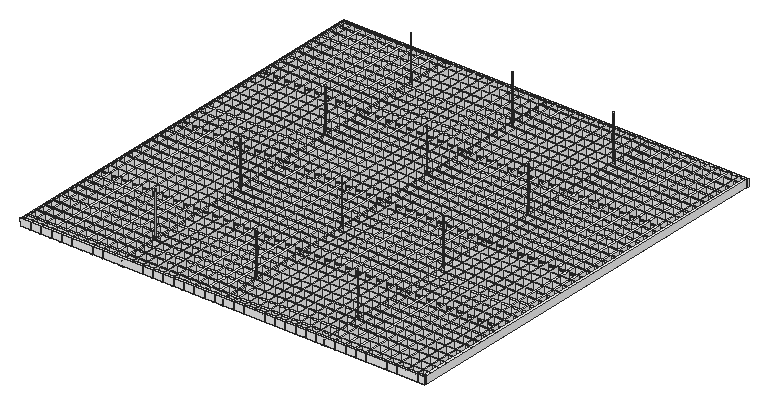
Revit family "FalsoTecho_THU_Cuadrícula-Milán-40", category Modelos genéricos, Revit 2016
Family settings
  Tipo de pieza = Normal
  Puede alojar armadura = No
  Cota de conector redondo = Diámetro de uso
  Número OmniClass = 23.35.70.24.11.17.14.11
  Título OmniClass = Metal Linear Ceilings
  Se basa en plano de trabajo = Sí
  Siempre vertical = No
  Corte con vacíos al cargar = Sí
  Compartido = No
  Punto de cálculo de habitación = No
Parameters (values of type "Aluminio_40x600x60x10")
  Tirantes_Separación real [instance] = (((Perfil secundario_Intereje * Bandejas_Recuento longitudinal) - Bandejas_Separación) - (Tirante inicial_Distancia a extremo * 2)) / (Tirantes_Recuento - 1)  # 630.167 mm
  Tirantes_Separación aproximada [instance] = 1000 mm  # constant formula
  Tirantes_Recuento [instance] = (((Perfil secundario_Intereje * Bandejas_Recuento longitudinal) - Bandejas_Separación) - (Tirante inicial_Distancia a extremo * 2)) / Tirantes_Separación aproximada + 2  # 4
  Tirante_Longitud [instance] = THU_Falso techo_Plenum altura + 20 mm  # 270 mm
  Tirante inicial_Distancia a extremo [instance] = if(Bandejas_Recuento longitudinal < 2, 25 mm, 250 mm)  # 250 mm
  THU_Velo = 1 > 2  # no
  THU_Subestructura_Material = "Aluminio"
  THU_Subestructura_Color [instance] = THU_Blanco-Brillo
  THU_Reacción al fuego = "A2-s1, d0"
  THU_Perfil primario = Perfil_THU_T24 : Perfil T24-Primario
  THU_Falso techo_Área [instance] = ((Perfil secundario_Intereje * Bandejas_Recuento longitudinal) - Bandejas_Separación) * ((Perfil primario_Intereje * Bandejas_Recuento transversal) - Bandejas_Separación)  # 5.71449 m²
  THU_Falso techo_Plenum altura [instance] = 250 mm
  THU_Falso techo_Longitud [instance] = 2500 mm
  THU_Falso techo_Anchura [instance] = 2500 mm
  THU_Falso techo_Altura libre [instance] = 2500 mm
  THU_Bandeja_Material = "Aluminio"
  THU_Bandeja_Color [instance] = THU_Blanco-Brillo
  THU_Bandeja = Bandeja_THU_Milán-40 : 60mm_(10x10 cuadrados)
  THU_Acabado = Acabado_THU_Bandejas : Liso
  Solape_Perfil y rastrel = Bandeja_Grosor + 1 mm  # 42 mm
  Rejilla_Separación tranversal = 51.45 mm
  Rejilla_Separación longitudinal = 51.45 mm
  Rejilla_Recuento transversal = 9
  Rejilla_Recuento longitudinal = 9
  Perfil_Altura = 46 mm  # constant formula
  Página web del producto = "http://thu.es/producto/rejilla-milan-cuadricula-milan/"
  Página web del fabricante = "http://thu.es/"
  Perfiles secundarios_Recuento [instance] = Bandejas_Recuento longitudinal - 1  # 3
  Perfiles primarios_Recuento [instance] = Bandejas_Recuento transversal - 1  # 3
  Perfil transversal_Rejilla_Longitud = Perfil secundario_Intereje - (Bandejas_Separación)  # 590.5 mm
  Perfil_Rejilla_Anchura = 9.5 mm  # constant formula
  Perfil_Rejilla_Altura = 41 mm  # constant formula
  Perfil secundario_Longitud [instance] = ((Perfil primario_Intereje * Bandejas_Recuento transversal) - Bandejas_Separación)  # 2390.5 mm
  Perfil secundario_Intereje = 600 mm
  Perfil primario_Longitud [instance] = ((Perfil secundario_Intereje * Bandejas_Recuento longitudinal) - Bandejas_Separación)  # 2390.5 mm
  Perfil primario_Intereje = 600 mm
  Perfil perimetral trans_Longitud [instance] = Perfil secundario_Longitud + 2 mm  # 2392.5 mm
  Perfil perimetral long_Longitud [instance] = Perfil primario_Longitud - (Perfil perimetral_Anchura * 2) + 2 mm  # 2362.5 mm
  Perfil perimetral 04 [instance] = yes
  Perfil perimetral 03_Distancia a bandeja [instance] = (Bandejas_Recuento longitudinal * 590.5 mm) + ((Bandejas_Recuento longitudinal - 1) * (Bandejas_Separación)) + 5.8 mm  # 2396.3 mm
  Perfil perimetral 03 [instance] = yes
  Perfil perimetral 02_Distancia a bandeja [instance] = (Bandejas_Recuento transversal * 590.5 mm) + ((Bandejas_Recuento transversal - 1) * (Bandejas_Separación)) + 5.8 mm  # 2396.3 mm
  Perfil perimetral 02 [instance] = yes
  Perfil perimetral 01 y 04_Distancia a bandeja [instance] = Perfil perimetral_Anchura - 11.3 mm  # 3.7 mm
  Perfil perimetral_Anchura [instance] = 15 mm  # constant formula
  Perfil perimetral 01 [instance] = yes
  Perfil longitudinal_Rejilla_Longitud = Perfil primario_Intereje - (Bandejas_Separación)  # 590.5 mm
  País de fabricación = "España"
  País de diseño = "España"
  Omniclass = "23.35.70.24.11.17.14.11"
  Número de edición (versión) = 0
  Nombre del objeto = "Cuadricula Milán"
  NBS Reference Description = "Board suspended ceiling system"
  NBS Reference = "20-10-10/110"
  Marca = "THU"
  Manual de montaje = "http://thu.es/wp-content/uploads/manuals/MM-Techos-Cuadricula-Milan.pdf"
  Fabricante = "THU Perfil S.L."
  Descripción = "Cuadrícula Milán en aluminio prelacado de altura 40 mm y ancho de nervio 10mm, formando módulos de 600x600 mm con un tamaño de cuadrado interior según modelo. Los módulos de cuadrícula se alojan en una estructura formada por perfiles primarios y secundarios en T de ancho 15 mm. La estructura se sustenta del forjado superior mediante piezas de cuelgue y varillas roscadas colocadas sobre los perfiles primarios. Existe una gran diversidad de cuadrículas. De interior: 50 (12x12 cuadrados), 60 (10x10), 75 (8x8), 86 (7x7), 100 (6x6), 150 (4x4) y 200 mm (3x3 cuadrados). El montaje de las cuadrículas se realiza en fábrica."
  Comentarios de tipo = "Falso techo decorativo suspendido de Rejilla/Cuadrícula Milán para ser montado en interior de edificios con perfilería THU T15."
  Bandejas_Recuento longitudinal [instance] = THU_Falso techo_Longitud / Perfil secundario_Intereje  # 4
  Bandejas_Recuento [instance] = Bandejas_Recuento longitudinal * Bandejas_Recuento transversal  # 16
  Inicio de extrusión = 0 mm  # constant formula
  IFC Classification = "Ceiling"
  Grupo del producto = "Lamas"
  Ficha técnica = "http://thu.es/wp-content/uploads/datasheets/ft-rejilla-milan-thu.pdf"
  Ficha resumen = "http://thu.es/wp-content/uploads/datasheets/THU_Techos_metalicos_Rejilla_cuadricula_Milan.pdf"
  Fecha de publicación del objeto BIM = ""
  Famila del producto = "Techos metálicos"
  Falso techo_Grosor = Bandeja_Grosor  # 41 mm
  Default Elevation = 0 mm
  Declaración de prestaciones = "http://thu.es/wp-content/uploads/declarations/dp_bandejas_milan.pdf"
  COBie Type Category = "L387 : Suspended ceilings"
  Bandejas_Separación = 9.5 mm  # constant formula
  Bandejas_Recuento transversal [instance] = THU_Falso techo_Anchura / Perfil primario_Intereje  # 4
  Bandeja_Grosor = Perfil_Rejilla_Altura  # 41 mm
Types (7, lengths in mm): name | THU_Bandeja | Rejilla_Separación tranversal | Rejilla_Separación longitudinal | Rejilla_Recuento transversal | Rejilla_Recuento longitudinal | Nombre del objeto
  Aluminio_40x600x50x10 | Bandeja_THU_Milán-40 : 50mm_(12x12 cuadrados) | 41.3 | 41.3 | 11 | 11 | "Cuadricula Milán"
  Aluminio_40x600x60x10 | Bandeja_THU_Milán-40 : 60mm_(10x10 cuadrados) | 51.45 | 51.45 | 9 | 9 | "Cuadricula Milán"
  Aluminio_40x600x75x10 | Bandeja_THU_Milán-40 : 75mm_(8x8 cuadrados) | 66.688 | 66.688 | 7 | 7 | "Cuadricula Milán"
  Aluminio_40x600x86x10 | Bandeja_THU_Milán-40 : 86mm_(7x7 cuadrados) | 77.571 | 77.571 | 6 | 6 | "Cuadricula Milan"
  Aluminio_40x600x100x10 | Bandeja_THU_Milán-40 : 100mm_(6x6 cuadrados) | 92.083 | 92.083 | 5 | 5 | "Cuadricula Milán"
  Aluminio_40x600x150x10 | Bandeja_THU_Milán-40 : 150mm_(4x4 cuadrados) | 142.875 | 142.875 | 3 | 3 | "Cuadricula Milán"
  Aluminio_40x600x200x10 | Bandeja_THU_Milán-40 : 200mm_(3x3 cuadrados) | 193.7 | 193.667 | 2 | 2 | "Cuadricula Milán"
Reference planes
  plane 1 "Centro (Frontal/Posterior)": y = 0
  plane 2: z = 0
  plane 3 "Centro (Izquierda/Derecha)": x = 0
  plane 4 "Lamas_Límite inferior": z = 2500
  plane 5 "Rastreles_Límite inferior": z = 2499
  plane 6 "Rastreles_Límite superior": z = 2545
  plane 7 "Lamas_Límite superior": z = 2541
  plane 8 "Tirantes_Parte superior": z = 2795
  plane 9 "Falso techo_Límite derecho": x = 2500
  plane 10 "Falso techo_Límite superior": y = 2500
Dimensions and locks
  "Perfil_Altura": plane 6 "Rastreles_Límite superior" to plane 5 "Rastreles_Límite inferior"
  "THU_Falso techo_Altura libre": level to plane 4 "Lamas_Límite inferior"
  "Bandeja_Grosor": plane 7 "Lamas_Límite superior" to plane 4 "Lamas_Límite inferior"
  "Solape_Perfil y rastrel": plane 7 "Lamas_Límite superior" to plane 5 "Rastreles_Límite inferior"
  "THU_Falso techo_Plenum altura": plane 8 "Tirantes_Parte superior" to plane 6 "Rastreles_Límite superior"
  "THU_Falso techo_Anchura": plane 3 "Centro (Izquierda/Derecha)" to plane 9 "Falso techo_Límite derecho"
  "THU_Falso techo_Longitud": plane 1 "Centro (Frontal/Posterior)" to plane 10 "Falso techo_Límite superior"
  equal spacing: group 1, group 2, group 3  (x3)
  "Perfil primario_Intereje": plane 3 "Centro (Izquierda/Derecha)" to nested 1
  "Perfil primario_Intereje": nested 1 to nested 2
  equal spacing: group 4, group 5, group 6  (x3)
  "Perfil secundario_Intereje": plane 1 "Centro (Frontal/Posterior)" to nested 4
  "Perfil secundario_Intereje": nested 4 to nested 5
  equal spacing: group 7, group 8, group 9, group 10  (x3)
  "Perfil perimetral 03_Distancia a bandeja": plane 1 "Centro (Frontal/Posterior)" to nested 13
  "Perfil perimetral 02_Distancia a bandeja": plane 3 "Centro (Izquierda/Derecha)" to nested 12
  "Perfil perimetral 01 y 04_Distancia a bandeja": plane 3 "Centro (Izquierda/Derecha)" to nested 11
  "Perfil perimetral 01 y 04_Distancia a bandeja": plane 3 "Centro (Izquierda/Derecha)" to nested 13
  aligned and locked: level to plane 2
  aligned and locked: nested 1 to plane 5 "Rastreles_Límite inferior"
  aligned and locked: nested 2 to plane 5 "Rastreles_Límite inferior"
  aligned and locked: nested 4 to plane 5 "Rastreles_Límite inferior"
  aligned and locked: nested 5 to plane 5 "Rastreles_Límite inferior"
  aligned and locked: plane 4 "Lamas_Límite inferior" to nested 7
  aligned and locked: plane 4 "Lamas_Límite inferior" to nested 8
  aligned and locked: nested 11 to nested 1
  aligned and locked: nested 11 to nested 14  (x2)
  aligned and locked: nested 12 to nested 11
Nested families
  nested 1: "Perfil_THU_T24" at (600, 4.75, 2499), Tirante inicial_Distancia a extremo <- "Tirante inicial_Distancia a extremo", Tirante_Longitud <- "Tirante_Longitud", Tirantes_Recuento <- "Tirantes_Recuento", THU_Color <- "THU_Subestructura_Color", Perfil_Longitud <- "Perfil primario_Longitud", type <- "THU_Perfil primario", type "Perfil T24-Primario"
    with Tirantes_Recuento 4, Tirante_Longitud 270 mm, Tirante inicial_Distancia a extremo 250 mm, THU_Recuento (ml) 2390.5 mm, THU_Material "Acero galvanizado", THU_Color THU_Blanco-Brillo, Perfil_Longitud 2390.5 mm, Perfil_Grosor superior 5 mm, Perfil_Grosor base 1 mm, Perfil_Altura alma 27 mm, Perfil_Altura 33 mm
  nested 2: "Perfil_THU_T24" at (1200, 4.75, 2499), Tirante inicial_Distancia a extremo <- "Tirante inicial_Distancia a extremo", Tirante_Longitud <- "Tirante_Longitud", Tirantes_Recuento <- "Tirantes_Recuento", THU_Color <- "THU_Subestructura_Color", Perfil_Longitud <- "Perfil primario_Longitud", type <- "THU_Perfil primario", type "Perfil T24-Primario"
    with Tirantes_Recuento 4, Tirante_Longitud 270 mm, Tirante inicial_Distancia a extremo 250 mm, THU_Recuento (ml) 2390.5 mm, THU_Material "Acero galvanizado", THU_Color THU_Blanco-Brillo, Perfil_Longitud 2390.5 mm, Perfil_Grosor superior 5 mm, Perfil_Grosor base 1 mm, Perfil_Altura alma 27 mm, Perfil_Altura 33 mm
  nested 3: "Perfil_THU_T24" at (1800, 4.75, 2499), Tirante inicial_Distancia a extremo <- "Tirante inicial_Distancia a extremo", Tirante_Longitud <- "Tirante_Longitud", Tirantes_Recuento <- "Tirantes_Recuento", THU_Color <- "THU_Subestructura_Color", Perfil_Longitud <- "Perfil primario_Longitud", type <- "THU_Perfil primario", type "Perfil T24-Primario"
    with Tirantes_Recuento 4, Tirante_Longitud 270 mm, Tirante inicial_Distancia a extremo 250 mm, THU_Recuento (ml) 2390.5 mm, THU_Material "Acero galvanizado", THU_Color THU_Blanco-Brillo, Perfil_Longitud 2390.5 mm, Perfil_Grosor superior 5 mm, Perfil_Grosor base 1 mm, Perfil_Altura alma 27 mm, Perfil_Altura 33 mm
  nested 4: "Perfil_THU_T24" at (4.75, 600, 2499) x (0, -1, 0) z (0, 0, 1), Perfil_Longitud <- "Perfil secundario_Longitud", THU_Color <- "THU_Subestructura_Color", Tirante inicial_Distancia a extremo <- "Tirante inicial_Distancia a extremo", Tirantes_Recuento <- "Tirantes_Recuento", Tirante_Longitud <- "Tirante_Longitud", type "Perfil T24-Secundario"
    with Tirantes_Recuento 4, Tirante_Longitud 270 mm, Tirante inicial_Distancia a extremo 250 mm, THU_Recuento (ml) 2390.5 mm, THU_Material "Aluminio", THU_Color THU_Blanco-Brillo, Perfil_Longitud 2390.5 mm, Perfil_Grosor superior 5 mm, Perfil_Grosor base 1 mm, Perfil_Altura alma 27 mm, Perfil_Altura 33 mm
  nested 5: "Perfil_THU_T24" at (4.75, 1200, 2499) x (0, -1, 0) z (0, 0, 1), Perfil_Longitud <- "Perfil secundario_Longitud", THU_Color <- "THU_Subestructura_Color", Tirante inicial_Distancia a extremo <- "Tirante inicial_Distancia a extremo", Tirantes_Recuento <- "Tirantes_Recuento", Tirante_Longitud <- "Tirante_Longitud", type "Perfil T24-Secundario"
    with Tirantes_Recuento 4, Tirante_Longitud 270 mm, Tirante inicial_Distancia a extremo 250 mm, THU_Recuento (ml) 2390.5 mm, THU_Material "Aluminio", THU_Color THU_Blanco-Brillo, Perfil_Longitud 2390.5 mm, Perfil_Grosor superior 5 mm, Perfil_Grosor base 1 mm, Perfil_Altura alma 27 mm, Perfil_Altura 33 mm
  nested 6: "Perfil_THU_T24" at (4.75, 1800, 2499) x (0, -1, 0) z (0, 0, 1), Perfil_Longitud <- "Perfil secundario_Longitud", THU_Color <- "THU_Subestructura_Color", Tirante inicial_Distancia a extremo <- "Tirante inicial_Distancia a extremo", Tirantes_Recuento <- "Tirantes_Recuento", Tirante_Longitud <- "Tirante_Longitud", type "Perfil T24-Secundario"
    with Tirantes_Recuento 4, Tirante_Longitud 270 mm, Tirante inicial_Distancia a extremo 250 mm, THU_Recuento (ml) 2390.5 mm, THU_Material "Aluminio", THU_Color THU_Blanco-Brillo, Perfil_Longitud 2390.5 mm, Perfil_Grosor superior 5 mm, Perfil_Grosor base 1 mm, Perfil_Altura alma 27 mm, Perfil_Altura 33 mm
  nested 7: "Bandeja_THU_Milán-40" at (4.75, -4.75, 2500), type <- "THU_Bandeja", Inicio de extrusión <- "Inicio de extrusión", Perfil longitudinal_Rejilla_Longitud <- "Perfil longitudinal_Rejilla_Longitud", Perfil transversal_Rejilla_Longitud <- "Perfil transversal_Rejilla_Longitud", Perfil_Rejilla_Altura <- "Perfil_Rejilla_Altura", Perfil_Rejilla_Anchura <- "Perfil_Rejilla_Anchura", Rejilla_Recuento longitudinal <- "Rejilla_Recuento longitudinal", Rejilla_Recuento transversal <- "Rejilla_Recuento transversal", Rejilla_Separación longitudinal <- "Rejilla_Separación longitudinal", Rejilla_Separación transversal <- "Rejilla_Separación tranversal", THU_Color <- "THU_Bandeja_Color", THU_Material <- "THU_Bandeja_Material", Bandejas_Separación <- "Bandejas_Separación", Bandejas_Recuento transversal <- "Bandejas_Recuento transversal", type "60mm_(10x10 cuadrados)"
    with Tipo de bandeja none, THU_Recuento (ud) 4, THU_Material "Aluminio", THU_Color THU_Blanco-Brillo, Rejilla_Separación transversal 51.45 mm, Rejilla_Separación longitudinal 51.45 mm, Rejilla_Recuento transversal 9, Rejilla_Recuento longitudinal 9, Perfil_Rejilla_Anchura 9.5 mm, Perfil_Rejilla_Altura 41 mm, Perfil transversal_Rejilla_Longitud 590.5 mm, Perfil longitudinal_Rejilla_Longitud 590.5 mm, Inicio de extrusión 0 mm, Bandejas_Separación 9.5 mm, Bandejas_Recuento transversal 4
  nested 8: "Bandeja_THU_Milán-40" at (4.75, 595.25, 2500), type <- "THU_Bandeja", Inicio de extrusión <- "Inicio de extrusión", Perfil longitudinal_Rejilla_Longitud <- "Perfil longitudinal_Rejilla_Longitud", Perfil transversal_Rejilla_Longitud <- "Perfil transversal_Rejilla_Longitud", Perfil_Rejilla_Altura <- "Perfil_Rejilla_Altura", Perfil_Rejilla_Anchura <- "Perfil_Rejilla_Anchura", Rejilla_Recuento longitudinal <- "Rejilla_Recuento longitudinal", Rejilla_Recuento transversal <- "Rejilla_Recuento transversal", Rejilla_Separación longitudinal <- "Rejilla_Separación longitudinal", Rejilla_Separación transversal <- "Rejilla_Separación tranversal", THU_Color <- "THU_Bandeja_Color", THU_Material <- "THU_Bandeja_Material", Bandejas_Separación <- "Bandejas_Separación", Bandejas_Recuento transversal <- "Bandejas_Recuento transversal", type "60mm_(10x10 cuadrados)"
    with Tipo de bandeja none, THU_Recuento (ud) 4, THU_Material "Aluminio", THU_Color THU_Blanco-Brillo, Rejilla_Separación transversal 51.45 mm, Rejilla_Separación longitudinal 51.45 mm, Rejilla_Recuento transversal 9, Rejilla_Recuento longitudinal 9, Perfil_Rejilla_Anchura 9.5 mm, Perfil_Rejilla_Altura 41 mm, Perfil transversal_Rejilla_Longitud 590.5 mm, Perfil longitudinal_Rejilla_Longitud 590.5 mm, Inicio de extrusión 0 mm, Bandejas_Separación 9.5 mm, Bandejas_Recuento transversal 4
  nested 9: "Bandeja_THU_Milán-40" at (4.75, 1195.25, 2500), type <- "THU_Bandeja", Inicio de extrusión <- "Inicio de extrusión", Perfil longitudinal_Rejilla_Longitud <- "Perfil longitudinal_Rejilla_Longitud", Perfil transversal_Rejilla_Longitud <- "Perfil transversal_Rejilla_Longitud", Perfil_Rejilla_Altura <- "Perfil_Rejilla_Altura", Perfil_Rejilla_Anchura <- "Perfil_Rejilla_Anchura", Rejilla_Recuento longitudinal <- "Rejilla_Recuento longitudinal", Rejilla_Recuento transversal <- "Rejilla_Recuento transversal", Rejilla_Separación longitudinal <- "Rejilla_Separación longitudinal", Rejilla_Separación transversal <- "Rejilla_Separación tranversal", THU_Color <- "THU_Bandeja_Color", THU_Material <- "THU_Bandeja_Material", Bandejas_Separación <- "Bandejas_Separación", Bandejas_Recuento transversal <- "Bandejas_Recuento transversal", type "60mm_(10x10 cuadrados)"
    with Tipo de bandeja none, THU_Recuento (ud) 4, THU_Material "Aluminio", THU_Color THU_Blanco-Brillo, Rejilla_Separación transversal 51.45 mm, Rejilla_Separación longitudinal 51.45 mm, Rejilla_Recuento transversal 9, Rejilla_Recuento longitudinal 9, Perfil_Rejilla_Anchura 9.5 mm, Perfil_Rejilla_Altura 41 mm, Perfil transversal_Rejilla_Longitud 590.5 mm, Perfil longitudinal_Rejilla_Longitud 590.5 mm, Inicio de extrusión 0 mm, Bandejas_Separación 9.5 mm, Bandejas_Recuento transversal 4
  nested 10: "Bandeja_THU_Milán-40" at (4.75, 1795.25, 2500), type <- "THU_Bandeja", Inicio de extrusión <- "Inicio de extrusión", Perfil longitudinal_Rejilla_Longitud <- "Perfil longitudinal_Rejilla_Longitud", Perfil transversal_Rejilla_Longitud <- "Perfil transversal_Rejilla_Longitud", Perfil_Rejilla_Altura <- "Perfil_Rejilla_Altura", Perfil_Rejilla_Anchura <- "Perfil_Rejilla_Anchura", Rejilla_Recuento longitudinal <- "Rejilla_Recuento longitudinal", Rejilla_Recuento transversal <- "Rejilla_Recuento transversal", Rejilla_Separación longitudinal <- "Rejilla_Separación longitudinal", Rejilla_Separación transversal <- "Rejilla_Separación tranversal", THU_Color <- "THU_Bandeja_Color", THU_Material <- "THU_Bandeja_Material", Bandejas_Separación <- "Bandejas_Separación", Bandejas_Recuento transversal <- "Bandejas_Recuento transversal", type "60mm_(10x10 cuadrados)"
    with Tipo de bandeja none, THU_Recuento (ud) 4, THU_Material "Aluminio", THU_Color THU_Blanco-Brillo, Rejilla_Separación transversal 51.45 mm, Rejilla_Separación longitudinal 51.45 mm, Rejilla_Recuento transversal 9, Rejilla_Recuento longitudinal 9, Perfil_Rejilla_Anchura 9.5 mm, Perfil_Rejilla_Altura 41 mm, Perfil transversal_Rejilla_Longitud 590.5 mm, Perfil longitudinal_Rejilla_Longitud 590.5 mm, Inicio de extrusión 0 mm, Bandejas_Separación 9.5 mm, Bandejas_Recuento transversal 4
  nested 11: "Perfiles perimetrales_THU" at (3.7, 3.75, 2500) x (0, 1, 0) z (0, 0, 1), Perfil_Anchura <- "Perfil perimetral_Anchura", THU_Color <- "THU_Subestructura_Color", THU_Material <- "THU_Subestructura_Material", visible <- "Perfil perimetral 01", Perfil_Longitud <- "Perfil perimetral trans_Longitud", type "U40"
    with THU_Recuento (ml) 2392.5 mm, THU_Material "Aluminio", THU_Color THU_Blanco-Brillo, Perfil_Longitud 2392.5 mm, Perfil_Anchura 15 mm
  nested 12: "Perfiles perimetrales_THU" at (2396.3, 18.75, 2500) x (-1, 0, 0) z (0, 0, 1), Perfil_Anchura <- "Perfil perimetral_Anchura", THU_Color <- "THU_Subestructura_Color", THU_Material <- "THU_Subestructura_Material", visible <- "Perfil perimetral 02", Perfil_Longitud <- "Perfil perimetral long_Longitud", type "U40"
    with THU_Recuento (ml) 2362.5 mm, THU_Material "Aluminio", THU_Color THU_Blanco-Brillo, Perfil_Longitud 2362.5 mm, Perfil_Anchura 15 mm
  nested 13: "Perfiles perimetrales_THU" at (3.7, 2396.3, 2500) x (0, -1, 0) z (0, 0, 1), Perfil_Anchura <- "Perfil perimetral_Anchura", THU_Color <- "THU_Subestructura_Color", THU_Material <- "THU_Subestructura_Material", visible <- "Perfil perimetral 03", Perfil_Longitud <- "Perfil perimetral trans_Longitud", type "U40"
    with THU_Recuento (ml) 2392.5 mm, THU_Material "Aluminio", THU_Color THU_Blanco-Brillo, Perfil_Longitud 2392.5 mm, Perfil_Anchura 15 mm
  nested 14: "Perfiles perimetrales_THU" at (3.7, 18.75, 2500), Perfil_Anchura <- "Perfil perimetral_Anchura", THU_Color <- "THU_Subestructura_Color", THU_Material <- "THU_Subestructura_Material", visible <- "Perfil perimetral 04", Perfil_Longitud <- "Perfil perimetral long_Longitud", type "U40"
    with THU_Recuento (ml) 2362.5 mm, THU_Material "Aluminio", THU_Color THU_Blanco-Brillo, Perfil_Longitud 2362.5 mm, Perfil_Anchura 15 mm
Definition of nested family "Perfil_THU_T24"
  Parameters (values of type "Perfil T24-Secundario")
    Tirantes_Recuento [instance] = 2
    Tirantes = no
    Tirante_Longitud [instance] = 250 mm
    Tirante inicial_Distancia a extremo [instance] = 250 mm
    THU_Recuento (ml) [instance] = Perfil_Longitud  # 1000 mm
    THU_Mediciones = 1 < 2  # yes
    THU_Material [instance] = "Acero galvanizado"
    THU_Color [instance] = none
    Perfil_Longitud [instance] = 1000 mm
    Perfil_Anchura base = 24 mm  # constant formula
    Perfil_Grosor base [instance] = 1 mm  # constant formula
    Perfil_Anchura superior = 6.5 mm  # constant formula
    Perfil_Altura [instance] = 33 mm
    Nombre del objeto = "Perfil T24"
    Default Elevation = 0 mm
    Perfil_Grosor alma = 1 mm  # constant formula
    Perfil_Grosor superior [instance] = 5 mm  # constant formula
    Perfil_Altura alma [instance] = Perfil_Altura - (Perfil_Grosor base + Perfil_Grosor superior)  # 27 mm
  Types (2, lengths in mm): name | Tirantes
    Perfil T24-Primario | yes
    Perfil T24-Secundario | no
  Reference planes
    plane 1 "Centro (Frontal/Posterior)": y = 0
    plane 2: z = 0
    plane 3 "Centro (Izquierda/Derecha)": x = 0
    plane 4 "Perfil_Cara superior": z = 33
    plane 5 "Tirante_Cara inferior": z = 26
  Forms (mm)
    Extrusion 1, solid, material <- "THU_Color", detail levels medium+fine
      sketch origin (0, 0, 47.063) x (1, 0, 0) y (0, 0, -1)
        loop
          line (3.25, 14.063) -> (3.25, 19.063) -> (0.5, 19.063) -> (0.5, 46.063) -> (12, 46.063) -> (12, 47.063) -> (-12, 47.062) -> (-12, 46.062) -> (-0.5, 46.063) -> (-0.5, 19.063) -> (-3.25, 19.063) -> (-3.25, 14.063) -> (3.25, 14.063)
      from 0 to 1000
  Lines and regions (mm)
    reference lines
      curve 1: line (-19.494, 0, 0) -> (20.506, 0, 0)
  Dimensions and locks
    "Perfil_Anchura superior": Extrusion 1 sketch curve to Extrusion 1 sketch curve
    equal spacing: Extrusion 1 sketch curve, plane 3 "Centro (Izquierda/Derecha)", Extrusion 1 sketch curve  (x3)
    "Perfil_Grosor alma": Extrusion 1 sketch curve to Extrusion 1 sketch curve
    "Perfil_Grosor superior": Extrusion 1 sketch curve to Extrusion 1 sketch curve
    "Perfil_Altura alma": Extrusion 1 sketch curve to Extrusion 1 sketch curve
    "Perfil_Anchura base": Extrusion 1 sketch curve to Extrusion 1 sketch curve
    "Perfil_Longitud": Extrusion 1 to Extrusion 1
    "Perfil_Altura": plane 4 "Perfil_Cara superior" to level
    "Tirante inicial_Distancia a extremo": plane 1 "Centro (Frontal/Posterior)" to nested 1
    locked: plane 4 "Perfil_Cara superior" to plane 5 "Tirante_Cara inferior" at 7
    group 1 to group 2 = 0 mm  (x2)
    group 1 to group 2 = 500 mm
    "Tirante inicial_Distancia a extremo": Extrusion 1 to nested 2
    "Perfil_Grosor base": Extrusion 1 sketch curve to Extrusion 1 sketch curve
    aligned and locked: level to plane 2
    aligned and locked: Extrusion 1 sketch curve to Extrusion 1 sketch curve
    aligned and locked: Extrusion 1 to level
    aligned and locked: plane 4 "Perfil_Cara superior" to Extrusion 1  (x2)
    aligned and locked: plane 3 "Centro (Izquierda/Derecha)" to nested 1
    aligned and locked: nested 1 to plane 5 "Tirante_Cara inferior"  (x2)
    aligned and locked: nested 2 to plane 5 "Tirante_Cara inferior"
    aligned and locked: plane 2 to curve 1
    aligned and locked: curve 1 to Extrusion 1 sketch curve
  Automatic sketch dimensions
    curve 1 to plane 3 "Centro (Izquierda/Derecha)" = 19.494 mm
    plane 3 "Centro (Izquierda/Derecha)" to curve 1 = 20.506 mm
    Extrusion 1 sketch curve to Extrusion 1 sketch curve = 0 mm
  Nested families
    nested 1: "Tirantes_THU" at (0, 250, 26), Tirante_Longitud <- "Tirante_Longitud", visible <- "Tirantes", Tirante_Material <- "THU_Color", type "Tirante - Perfiles", detail levels fine
      with Tirante_Material none, Tirante_Longitud 250 mm
    nested 2: "Tirantes_THU" at (0, 750, 26), Tirante_Longitud <- "Tirante_Longitud", visible <- "Tirantes", Tirante_Material <- "THU_Color", type "Tirante - Perfiles", detail levels fine
      with Tirante_Material none, Tirante_Longitud 250 mm
  Definition of nested family "Tirantes_THU"
    Parameters (values of type "Tirante - Perfil triangular")
      Tirante_Material [instance] = none
      Tirante_Longitud [instance] = 250 mm
      Pieza de cuelgue_Altura = 20 mm
      Pieza de cualgue_Anchura = 26 mm
      Perfiles = no
      Perfil triangular = yes
      Rastreles = no
      Default Elevation = 0 mm
    Types (3, lengths in mm): name | Pieza de cuelgue_Altura | Pieza de cualgue_Anchura | Perfiles | Perfil triangular | Rastreles
      Tirante - Rastreles | 40 | 10 | no | no | yes
      Tirante - Perfil triangular | 20 | 26 | no | yes | no
      Tirante - Perfiles | 20 | 10.5 | yes | no | no
    Reference planes
      plane 1 "Centro (Frontal/Posterior)": y = 0
      plane 2: z = 0
      plane 3 "Centro (Izquierda/Derecha)": x = 0
      plane 4 "Perfil_Cara superior": z = 20
      plane 5 "Tirantes_Límite superior": z = 250
      plane 6 "Pieza de cuelgue_Lateral izquierdo": x = -13
      plane 7 "Pieza de cuelgue_Lateral derecho": x = 13
    Forms (mm)
      Extrusion 1, solid, material <- "Tirante_Material"
        sketch origin (0, 0, 0) x (1, 0, 0) y (0, 1, 0)
          loop
            circle (0, 0) r 1.5
        from 20 to 250
      Extrusion 2, solid, material <- "Tirante_Material", visible <- "Perfiles"
        sketch origin (0, 0, 0) x (1, 0, 0) y (0, 0, 1)
          loop
            line (-13, 20) -> (-13, 0) -> (-8.759, 0) -> (-8.759, 2) -> (-10.518, 2) -> (-10.518, 11) -> (10.518, 11) -> (10.518, 2) -> (8.759, 2) -> (8.759, 0) -> (13, 0) -> (13, 20) -> (-13, 20)
        from -1 to 1
      Extrusion 3, solid, material <- "Tirante_Material", visible <- "Perfil triangular"
        sketch origin (0, 0, 0) x (1, 0, 0) y (0, 0, 1)
          loop
            line (0, 20) -> (-13, 20) -> (-13, 18) -> (-1, 18) -> (-1, 2.022) -> (-13, 2.022) -> (-13, 0) -> (0, 0) -> (13, 0) -> (13, 2.022) -> (1, 2.022) -> (1, 18) -> (13, 18) -> (13, 20) -> (0, 20)
        from -7.5 to 7.5
      Extrusion 4, solid, material <- "Tirante_Material", visible <- "Rastreles"
        sketch origin (0, 0, 0) x (1, 0, 0) y (0, 0, 1)
          loop
            line (-13, 0) -> (13, 0) -> (13, 20) -> (-13, 20) -> (-13, 0)
        from -1 to 1
    Dimensions and locks
      equal spacing: Extrusion 2, plane 1 "Centro (Frontal/Posterior)", Extrusion 2
      "Tirante_Longitud": plane 5 "Tirantes_Límite superior" to level
      "Pieza de cuelgue_Altura": plane 4 "Perfil_Cara superior" to level
      "Pieza de cualgue_Anchura": plane 7 "Pieza de cuelgue_Lateral derecho" to plane 6 "Pieza de cuelgue_Lateral izquierdo"
      equal spacing: plane 7 "Pieza de cuelgue_Lateral derecho", plane 3 "Centro (Izquierda/Derecha)", plane 6 "Pieza de cuelgue_Lateral izquierdo"
      locked: Extrusion 2 sketch curve to Extrusion 2 sketch curve at 2.482  (x2)
      locked: Extrusion 2 sketch curve to Extrusion 2 sketch curve at 9
      locked: Extrusion 2 sketch curve to Extrusion 2 sketch curve at 4.241  (x2)
      locked: Extrusion 3 sketch curve to Extrusion 3 sketch curve at 2  (x2)
      locked: Extrusion 3 sketch curve to Extrusion 3 sketch curve at 2.022
      aligned and locked: level to plane 2
      aligned and locked: plane 5 "Tirantes_Límite superior" to Extrusion 1
      aligned and locked: Extrusion 1 to plane 4 "Perfil_Cara superior"
      aligned and locked: Extrusion 1 to Extrusion 2
      aligned and locked: Extrusion 2 to level
      aligned and locked: Extrusion 3 sketch curve to Extrusion 3 sketch curve  (x4)
      aligned and locked: plane 4 "Perfil_Cara superior" to Extrusion 4 sketch curve
      aligned and locked: plane 7 "Pieza de cuelgue_Lateral derecho" to Extrusion 4 sketch curve
      aligned and locked: Extrusion 4 sketch curve to plane 6 "Pieza de cuelgue_Lateral izquierdo"
      aligned and locked: plane 6 "Pieza de cuelgue_Lateral izquierdo" to Extrusion 2 sketch curve
      aligned and locked: Extrusion 3 sketch curve to plane 7 "Pieza de cuelgue_Lateral derecho"
      aligned and locked: Extrusion 3 sketch curve to plane 6 "Pieza de cuelgue_Lateral izquierdo"
      aligned and locked: Extrusion 2 sketch curve to Extrusion 2 sketch curve
    Automatic sketch dimensions
      plane 1 "Centro (Frontal/Posterior)" to Extrusion 1 sketch curve = 0 mm
      Extrusion 1 sketch curve to plane 3 "Centro (Izquierda/Derecha)" = 0 mm
      Extrusion 2 sketch curve to level = 0 mm  (x2)
      Extrusion 2 sketch curve to plane 4 "Perfil_Cara superior" = 0 mm
      level to Extrusion 2 sketch curve = 2 mm
      Extrusion 3 sketch curve to plane 4 "Perfil_Cara superior" = 0 mm
      Extrusion 3 sketch curve to level = 0 mm
      Extrusion 3 sketch curve to plane 3 "Centro (Izquierda/Derecha)" = 0 mm  (x2)
      plane 3 "Centro (Izquierda/Derecha)" to Extrusion 3 sketch curve = 1 mm
      Extrusion 2 sketch curve to plane 7 "Pieza de cuelgue_Lateral derecho" = 0 mm
      Extrusion 4 sketch curve to level = 0 mm
      radius of Extrusion 1 sketch curve = 1.5 mm
Definition of nested family "Bandeja_THU_Milán-40"
  Parameters (values of type "86mm_(7x7 cuadrados)")
    Tipo de bandeja [instance] = Rejilla_THU_Milán-40 : 86mm_(7x7 cuadrados)
    THU_Recuento (ud) [instance] = Bandejas_Recuento transversal  # 2
    THU_Mediciones = 1 < 2  # yes
    THU_Material [instance] = "Aluminio"
    THU_Color [instance] = none
    Rejilla_Separación transversal [instance] = 77.571 mm
    Rejilla_Separación longitudinal [instance] = 77.571 mm
    Rejilla_Recuento transversal [instance] = 6
    Rejilla_Recuento longitudinal [instance] = 6
    Perfil_Rejilla_Anchura [instance] = 9.5 mm
    Perfil_Rejilla_Altura [instance] = 41 mm
    Perfil transversal_Rejilla_Longitud [instance] = 590.5 mm
    Perfil longitudinal_Rejilla_Longitud [instance] = 590.5 mm
    Nombre del objeto = "Rejilla Milán"
    Inicio de extrusión [instance] = 0 mm
    Default Elevation = 0 mm
    Bandejas_Recuento transversal [instance] = 2
    Bandejas_Separación [instance] = 9.5 mm
  Types (7, lengths in mm): name | Tipo de bandeja | Rejilla_Separación transversal | Rejilla_Separación longitudinal | Rejilla_Recuento transversal | Rejilla_Recuento longitudinal
    150mm_(4x4 cuadrados) | Rejilla_THU_Milán-40 : 150mm_(4x4 cuadrados) | 142.9 | 142.9 | 3 | 3
    100mm_(6x6 cuadrados) | Rejilla_THU_Milán-40 : 100mm_(6x6 cuadrados) | 92.083 | 92.083 | 5 | 5
    86mm_(7x7 cuadrados) | Rejilla_THU_Milán-40 : 86mm_(7x7 cuadrados) | 77.571 | 77.571 | 6 | 6
    75mm_(8x8 cuadrados) | Rejilla_THU_Milán-40 : 75mm_(8x8 cuadrados) | 66.688 | 66.688 | 7 | 7
    60mm_(10x10 cuadrados) | Rejilla_THU_Milán-40 : 60mm_(10x10 cuadrados) | 51.45 | 51.45 | 9 | 9
    50mm_(12x12 cuadrados) | Rejilla_THU_Milán-40 : 50mm_(12x12 cuadrados) | 41.292 | 41.292 | 11 | 11
    200mm_(3x3 cuadrados) | Rejilla_THU_Milán-40 : 200mm_(3x3 cuadrados) | 193.7 | 193.7 | 2 | 2
  Reference planes
    plane 1 "Centro (Frontal/Posterior)": y = 0
    plane 2: z = 0
    plane 3 "Centro (Izquierda/Derecha)": x = 0
  Lines and regions (mm)
    reference lines
      curve 1: line (0, 0, 0) -> (0, 600, 0)
      curve 2: line (0, 0, 0) -> (600, 0, 0)
      curve 3: line (600, 0, 0) -> (600, 600, 0)
      curve 4: line (600, 0, 0) -> (1200, 0, 0)
  Dimensions and locks
    group 1 to group 2 = 600 mm
    group 1 to group 2 = 0 mm  (x2)
    "Bandejas_Separación": nested 1 to nested 2
    aligned and locked: level to plane 2
    aligned and locked: curve 1 to nested 1
  Automatic sketch dimensions
    curve 1 to curve 1 = 600 mm
    curve 1 to curve 2 = 600 mm
    curve 3 to curve 3 = 600 mm
    curve 3 to curve 4 = 600 mm
  Nested families
    nested 1: "Rejilla_THU_Milán-40" at (0, 600, 0), type <- "Tipo de bandeja", Perfil longitudinal_Rejilla_Longitud <- "Perfil longitudinal_Rejilla_Longitud", Perfil transversal_Rejilla_Longitud <- "Perfil transversal_Rejilla_Longitud", Perfil_Rejilla_Anchura <- "Perfil_Rejilla_Anchura", Rejilla_Separación longitudinal <- "Rejilla_Separación longitudinal", Rejilla_Separación transversal <- "Rejilla_Separación transversal", Color <- "THU_Color", Material <- "THU_Material", Inicio de extrusión <- "Inicio de extrusión", Perfil_Rejilla_Altura <- "Perfil_Rejilla_Altura", Rejilla_Recuento longitudinal <- "Rejilla_Recuento longitudinal", Rejilla_Recuento transversal <- "Rejilla_Recuento transversal", type "86mm_(7x7 cuadrados)"
      with Rejilla_Separación transversal 77.571 mm, Rejilla_Separación longitudinal 77.571 mm, Rejilla_Recuento transversal 6, Rejilla_Recuento longitudinal 6, Perfil_Rejilla_Anchura 9.5 mm, Perfil_Rejilla_Altura 41 mm, Perfil transversal_Rejilla_Longitud 590.5 mm, Perfil longitudinal_Rejilla_Longitud 590.5 mm, Material "Aluminio", Inicio de extrusión 0 mm, Color none
    nested 2: "Rejilla_THU_Milán-40" at (600, 600, 0), type <- "Tipo de bandeja", Perfil longitudinal_Rejilla_Longitud <- "Perfil longitudinal_Rejilla_Longitud", Perfil transversal_Rejilla_Longitud <- "Perfil transversal_Rejilla_Longitud", Perfil_Rejilla_Anchura <- "Perfil_Rejilla_Anchura", Rejilla_Separación longitudinal <- "Rejilla_Separación longitudinal", Rejilla_Separación transversal <- "Rejilla_Separación transversal", Color <- "THU_Color", Material <- "THU_Material", Inicio de extrusión <- "Inicio de extrusión", Perfil_Rejilla_Altura <- "Perfil_Rejilla_Altura", Rejilla_Recuento longitudinal <- "Rejilla_Recuento longitudinal", Rejilla_Recuento transversal <- "Rejilla_Recuento transversal", type "86mm_(7x7 cuadrados)"
      with Rejilla_Separación transversal 77.571 mm, Rejilla_Separación longitudinal 77.571 mm, Rejilla_Recuento transversal 6, Rejilla_Recuento longitudinal 6, Perfil_Rejilla_Anchura 9.5 mm, Perfil_Rejilla_Altura 41 mm, Perfil transversal_Rejilla_Longitud 590.5 mm, Perfil longitudinal_Rejilla_Longitud 590.5 mm, Material "Aluminio", Inicio de extrusión 0 mm, Color none
  Definition of nested family "Rejilla_THU_Milán-40"
    Parameters (values of type "200mm_(3x3 cuadrados)")
      Rejilla_Separación transversal [instance] = 193.7 mm
      Rejilla_Separación longitudinal [instance] = 193.7 mm
      Rejilla_Recuento transversal [instance] = 2
      Rejilla_Recuento longitudinal [instance] = 2
      Perfil transversal_Rejilla_Longitud [instance] = 600 mm
      Perfil longitudinal_Rejilla_Longitud [instance] = 600 mm
      Perfil_Rejilla_Anchura [instance] = 9.5 mm
      Perfil_Rejilla_Altura [instance] = 41 mm
      Material [instance] = "Acero"
      Inicio de extrusión [instance] = 0 mm
      Default Elevation = 0 mm
      Color [instance] = none
    Types (7, lengths in mm): name | Rejilla_Separación transversal | Rejilla_Separación longitudinal | Rejilla_Recuento transversal | Rejilla_Recuento longitudinal
      150mm_(4x4 cuadrados) | 142.875 | 142.875 | 3 | 3
      100mm_(6x6 cuadrados) | 92.083 | 92.083 | 5 | 5
      86mm_(7x7 cuadrados) | 77.571 | 77.571 | 6 | 6
      75mm_(8x8 cuadrados) | 66.688 | 66.688 | 7 | 7
      60mm_(10x10 cuadrados) | 51.45 | 51.45 | 9 | 9
      50mm_(12x12 cuadrados) | 41.292 | 41.292 | 11 | 11
      200mm_(3x3 cuadrados) | 193.7 | 193.7 | 2 | 2
    Reference planes
      plane 1 "Centro (Frontal/Posterior)": y = 0
      plane 2: z = 0
      plane 3 "Centro (Izquierda/Derecha)": x = 0
    Forms (mm)
      Extrusion 1, solid, material <- "Color"
        sketch origin (75.932, 0, 0) x (1, 0, 0) y (0, 0, 1)
          loop
            line (117.768, 0) -> (127.268, 0) -> (127.268, 41) -> (117.768, 41) -> (117.768, 0)
        from 0 <- "Inicio de extrusión" to 600 <- "Perfil longitudinal_Rejilla_Longitud"
      Extrusion 2, solid, material <- "Color"
        sketch origin (0, -93.479, 0) x (0, 1, 0) y (0, 0, 1)
          loop
            line (-100.221, 0) -> (-100.221, 41) -> (-109.721, 41) -> (-109.721, 0) -> (-100.221, 0)
        from 0 <- "Inicio de extrusión" to 600 <- "Perfil transversal_Rejilla_Longitud"
      Extrusion 3, solid, material <- "Color"
        sketch origin (0, -296.679, 0) x (0, 1, 0) y (0, 0, 1)
          loop
            line (-100.221, 0) -> (-100.221, 41) -> (-109.721, 41) -> (-109.721, 0) -> (-100.221, 0)
        from 0 <- "Inicio de extrusión" to 600 <- "Perfil transversal_Rejilla_Longitud"
      Extrusion 4, solid, material <- "Color", not visible
        sketch origin (0, 22.649, 0) x (0, 1, 0) y (0, 0, 1)
          loop
            line (-100.221, 0) -> (-100.221, 41) -> (-109.721, 41) -> (-109.721, 0) -> (-100.221, 0)
        from 0 <- "Inicio de extrusión" to 600 <- "Perfil transversal_Rejilla_Longitud"
      Extrusion 5, solid, not visible
        sketch origin (-40.196, 0, 0) x (1, 0, 0) y (0, 0, 1)
          loop
            line (117.768, 0) -> (127.268, 0) -> (127.268, 41) -> (117.768, 41) -> (117.768, 0)
        from 0 <- "Inicio de extrusión" to 600 <- "Perfil longitudinal_Rejilla_Longitud"
      Extrusion 6, solid, not visible
        sketch origin (-40.196, 0, 0) x (1, 0, 0) y (0, 0, 1)
          loop
            line (117.768, 0) -> (127.268, 0) -> (127.268, 41) -> (117.768, 41) -> (117.768, 0)
        from 0 <- "Inicio de extrusión" to 600 <- "Perfil longitudinal_Rejilla_Longitud"
      Extrusion 7, solid, not visible
        sketch origin (46.875, 0, 0) x (1, 0, 0) y (0, 0, 1)
          loop
            line (117.768, 0) -> (127.268, 0) -> (127.268, 41) -> (117.768, 41) -> (117.768, 0)
        from 0 <- "Inicio de extrusión" to 600 <- "Perfil longitudinal_Rejilla_Longitud"
      Extrusion 8, solid, material <- "Color", not visible
        sketch origin (0, 22.649, 0) x (0, 1, 0) y (0, 0, 1)
          loop
            line (-100.221, 0) -> (-100.221, 41) -> (-109.721, 41) -> (-109.721, 0) -> (-100.221, 0)
        from 0 <- "Inicio de extrusión" to 600 <- "Perfil transversal_Rejilla_Longitud"
      Extrusion 9, solid, material <- "Color", not visible
        sketch origin (0, -64.422, 0) x (0, 1, 0) y (0, 0, 1)
          loop
            line (-100.221, 0) -> (-100.221, 41) -> (-109.721, 41) -> (-109.721, 0) -> (-100.221, 0)
        from 0 <- "Inicio de extrusión" to 600 <- "Perfil transversal_Rejilla_Longitud"
      Extrusion 10, solid, material <- "Color"
        sketch origin (279.132, 0, 0) x (1, 0, 0) y (0, 0, 1)
          loop
            line (117.768, 0) -> (127.268, 0) -> (127.268, 41) -> (117.768, 41) -> (117.768, 0)
        from 0 <- "Inicio de extrusión" to 600 <- "Perfil longitudinal_Rejilla_Longitud"
    Dimensions and locks
      "Perfil_Rejilla_Anchura": Extrusion 1 sketch curve to Extrusion 1 sketch curve
      "Rejilla_Separación transversal": plane 3 "Centro (Izquierda/Derecha)" to Extrusion 1
      "Perfil_Rejilla_Anchura": Extrusion 2 sketch curve to Extrusion 2 sketch curve
      "Rejilla_Separación longitudinal": Extrusion 2 to plane 1 "Centro (Frontal/Posterior)"
      "Perfil_Rejilla_Anchura": Extrusion 3 sketch curve to Extrusion 3 sketch curve
      group 1 to group 2 = 0 mm  (x2)
      group 2 to group 1 = 203.2 mm
      "Rejilla_Separación longitudinal": Extrusion 3 to Extrusion 2
      "Perfil_Rejilla_Anchura": Extrusion 4 sketch curve to Extrusion 4 sketch curve
      "Perfil_Rejilla_Anchura": Extrusion 5 sketch curve to Extrusion 5 sketch curve
      "Perfil_Rejilla_Anchura": Extrusion 6 sketch curve to Extrusion 6 sketch curve
      "Perfil_Rejilla_Anchura": Extrusion 7 sketch curve to Extrusion 7 sketch curve
      group 5 to group 6 = 87.071 mm
      group 5 to group 6 = 0 mm  (x2)
      "Perfil_Rejilla_Anchura": Extrusion 8 sketch curve to Extrusion 8 sketch curve
      "Perfil_Rejilla_Anchura": Extrusion 9 sketch curve to Extrusion 9 sketch curve
      group 7 to group 8 = 0 mm  (x2)
      group 8 to group 7 = 87.071 mm
      "Perfil_Rejilla_Anchura": Extrusion 10 sketch curve to Extrusion 10 sketch curve
      group 10 to group 11 = 203.2 mm
      group 10 to group 11 = 0 mm  (x2)
      "Perfil_Rejilla_Altura": Extrusion 1 sketch curve to Extrusion 1 sketch curve
      "Perfil_Rejilla_Altura": Extrusion 10 sketch curve to Extrusion 10 sketch curve
      "Perfil_Rejilla_Altura": Extrusion 2 sketch curve to Extrusion 2 sketch curve
      "Perfil_Rejilla_Altura": Extrusion 3 sketch curve to Extrusion 3 sketch curve
      "Perfil_Rejilla_Altura": Extrusion 4 sketch curve to Extrusion 4 sketch curve
      "Perfil_Rejilla_Altura": Extrusion 8 sketch curve to Extrusion 8 sketch curve
      "Perfil_Rejilla_Altura": Extrusion 9 sketch curve to Extrusion 9 sketch curve
      "Rejilla_Separación transversal": Extrusion 1 to Extrusion 10
      aligned and locked: level to plane 2
    Automatic sketch dimensions
      Extrusion 5 sketch curve to Extrusion 5 sketch curve = 41 mm
      Extrusion 6 sketch curve to Extrusion 6 sketch curve = 41 mm
      Extrusion 7 sketch curve to Extrusion 7 sketch curve = 41 mm
Definition of nested family "Perfiles perimetrales_THU"
  Parameters (values of type "U20")
    U = yes
    THU_Recuento (ml) [instance] = Perfil_Longitud  # 1000 mm
    THU_Mediciones = 1 < 2  # yes
    THU_Material [instance] = "Acero galvanizado"
    THU_Color [instance] = none
    RC = no
    Perfil_Longitud [instance] = 1000 mm
    Perfil_Grosor = 1 mm
    Perfil_Anchura [instance] = 15 mm
    Perfil_Altura = 20 mm
    Nombre del objeto = "Perfil U20"
    (A)_(F) = no
    Default Elevation = 0 mm
    (D)_Perfil cornisa = no
  Types (7, lengths in mm): name | U | THU_Material | RC | Perfil_Anchura | Perfil_Altura | Nombre del objeto | (A)_(F) | (D)_Perfil cornisa
    (A)_L24x24 | no | "Acero galvanizado" | no | 24 | 24 | "(A)_L24x24" | yes | no
    (D)_Perfil cornisa | no | "Acero galvanizado" | no | 18 | 37 | "(D)_Perfil cornisa" | no | yes
    (F)_Angular PVC | no | "PVC" | no | 28 | 22 | "(F)_Angular PVC" | yes | no
    (A)_L15x33 | no | "Acero galvanizado" | no | 15 | 33 | "(A)_L24x24" | yes | no
    U40 | yes | "Acero galvanizado" | no | 15 | 42 | "Perfil U40" | no | no
    RC | no | "Acero galvanizado" | yes | 28 | 20 | "Perfil RC" | no | no
    U20 | yes | "Acero galvanizado" | no | 15 | 20 | "Perfil U20" | no | no
  Reference planes
    plane 1 "Centro (Frontal/Posterior)": y = 0
    plane 2: z = 0
    plane 3 "Centro (Izquierda/Derecha)": x = 0
    plane 4 "Perfil_Cara superior": z = 20
    plane 5: x = 15
    plane 6: y = -1000
  Forms (mm)
    Extrusion 1, solid, material <- "THU_Color", visible <- "(A)_(F)", detail levels medium+fine
      sketch origin (0, 0, 0) x (1, 0, 0) y (0, 0, 1)
        loop
          line (0, 20) -> (0, 0) -> (15, 0) -> (15, 1) -> (1, 1) -> (1, 20) -> (0, 20)
      from 0 to 1000
    Extrusion 2, solid, material <- "THU_Color", visible <- "(D)_Perfil cornisa", detail levels medium+fine
      sketch origin (0, 0, 0) x (1, 0, 0) y (0, 0, 1)
        loop
          line (1, 20) -> (0, 20) -> (0, 1) -> (-13, 1) -> (-13, 22) -> (-14, 22) -> (-14, 0) -> (15, 0) -> (15, 1) -> (1, 1) -> (1, 20)
      from 0 to 1000
    Extrusion 3, solid, material <- "THU_Color", visible <- "U", detail levels medium+fine
      sketch origin (0, 0, 0) x (1, 0, 0) y (0, 0, 1)
        loop
          line (0, 0) -> (15, 0) -> (15, 1) -> (1, 1) -> (1, 19) -> (15, 19) -> (15, 20) -> (0, 20) -> (0, 0)
      from 0 to 1000
    Extrusion 4, solid, material <- "THU_Color", visible <- "RC"
      sketch origin (0, 0, 0) x (1, 0, 0) y (0, 0, 1)
        loop
          line (15, 0) -> (15, 1) -> (1.398, 1) -> (1.398, 1.948) -> (7.436, 4.764)
          arc (7.436, 4.764) -> (8.592, 7.941) -> (5.415, 9.097) r 2.391
          line (5.415, 9.097) -> (1, 7.038) -> (1, 19) -> (6.5, 19) -> (6.5, 17.2) -> (7.5, 17.2) -> (7.5, 20) -> (0, 20) -> (0, 5.469) -> (5.838, 8.191)
          arc (5.838, 8.191) -> (7.686, 7.518) -> (7.013, 5.67) r 1.391
          line (7.013, 5.67) -> (0, 2.4) -> (0, 0) -> (15, 0)
      from 0 to 1000
  Dimensions and locks
    "Perfil_Altura": plane 4 "Perfil_Cara superior" to level
    "Perfil_Anchura": plane 5 to plane 3 "Centro (Izquierda/Derecha)"
    locked: Extrusion 2 sketch curve to Extrusion 2 sketch curve at 1  (x3)
    locked: Extrusion 2 sketch curve to Extrusion 1 at 13
    locked: Extrusion 2 sketch curve to level at 22
    "Perfil_Longitud": plane 6 to plane 1 "Centro (Frontal/Posterior)"
    locked: Extrusion 3 sketch curve to Extrusion 3 sketch curve at 1  (x3)
    locked: Extrusion 4 sketch curve to Extrusion 4 sketch curve at 1  (x6)
    locked: Extrusion 4 sketch curve to Extrusion 4 sketch curve at 1.398
    aligned and locked: level to plane 2
    aligned and locked: plane 5 to Extrusion 1 sketch curve
    aligned and locked: Extrusion 1 sketch curve to plane 4 "Perfil_Cara superior"
    aligned and locked: plane 4 "Perfil_Cara superior" to Extrusion 2 sketch curve
    aligned and locked: plane 5 to Extrusion 2 sketch curve
    aligned and locked: plane 3 "Centro (Izquierda/Derecha)" to Extrusion 2 sketch curve
    aligned and locked: Extrusion 1 sketch curve to plane 3 "Centro (Izquierda/Derecha)"
    aligned and locked: plane 6 to Extrusion 2
    aligned and locked: plane 6 to Extrusion 1
    aligned and locked: Extrusion 3 sketch curve to plane 5
    aligned and locked: plane 5 to Extrusion 3 sketch curve
    aligned and locked: Extrusion 3 sketch curve to plane 4 "Perfil_Cara superior"
    aligned and locked: Extrusion 3 sketch curve to plane 2
    aligned and locked: plane 3 "Centro (Izquierda/Derecha)" to Extrusion 3 sketch curve
    aligned and locked: Extrusion 3 to plane 1 "Centro (Frontal/Posterior)"
    aligned and locked: Extrusion 3 to plane 6
    aligned and locked: Extrusion 4 sketch curve to plane 4 "Perfil_Cara superior"
    aligned and locked: plane 3 "Centro (Izquierda/Derecha)" to Extrusion 4 sketch curve  (x2)
    aligned and locked: level to Extrusion 4 sketch curve
    aligned and locked: plane 5 to Extrusion 4 sketch curve
    aligned and locked: Extrusion 4 to plane 6
  Automatic sketch dimensions
    Extrusion 1 sketch curve to level = 0 mm
    plane 3 "Centro (Izquierda/Derecha)" to Extrusion 1 sketch curve = 1 mm
    level to Extrusion 1 sketch curve = 1 mm
    Extrusion 2 sketch curve to level = 0 mm
    Extrusion 2 sketch curve to Extrusion 2 sketch curve = 0 mm
    Extrusion 4 sketch curve to Extrusion 4 sketch curve = 0 mm
    Extrusion 4 sketch curve to Extrusion 4 sketch curve = 4.415 mm
    Extrusion 4 sketch curve to Extrusion 4 sketch curve = 0.423 mm  (x2)
    Extrusion 4 sketch curve to Extrusion 4 sketch curve = 0.588 mm  (x2)
    Extrusion 4 sketch curve to Extrusion 4 sketch curve = 5.5 mm
    Extrusion 4 sketch curve to Extrusion 4 sketch curve = 0.948 mm
    Extrusion 4 sketch curve to Extrusion 4 sketch curve = 0.452 mm
    Extrusion 4 sketch curve to Extrusion 4 sketch curve = 3.069 mm
    Extrusion 4 sketch curve to Extrusion 4 sketch curve = 1.26 mm
    Extrusion 4 sketch curve to Extrusion 4 sketch curve = 1.8 mm
